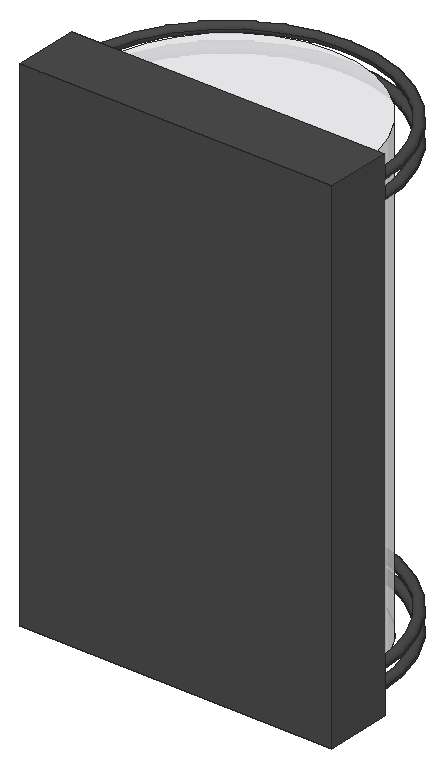
Revit family "TLI - Royal TEB - Wall", category Lighting Fixtures, host Wall, Revit 2014
Parameters (values of type "TBX 1 -  42W - 277V")
  Width = 0' - 8 1/4"
  Wet Location [instance] = yes
  Watts = 42 W
  Wattage = 21.5427 W
  built-in parameter 1150110 = 1 (stored number, unit not read)
  Voltage = 277 V
  URL = "http://teronlighting.com/"
  built-in parameter 1114217 = 0.81 (stored number, unit not read)
  Tilt Angle = 0.00°
  built-in parameter 1150109 = 1 (stored number, unit not read)
  built-in parameter 1150134 = (empty or 0)
  built-in parameter 1150113 = 1 (stored number, unit not read)
  Requires Special Disposal = no
  Remote Battery = no
  Product Page URL = "http://teronlighting.com/products/royal/"
  Product Documentation URL = "http://teronlighting.com/wp-content/uploads/Royal.pdf"
  Product = "Royal TEB"
  Point of Final Manufacture = "Fairfield, OH, USA"
  Photometric Web File = "generic.ies"
  Percentage Pre-Consumer = 0
  Percentage Post-Consumer = 0
  Number of Lamps = 1
  built-in parameter 1150142 = (empty or 0)
  Multi-Tap Ballast [instance] = no
  Mounting Type = "4\" Junction Box"
  Model = "RL - F142X-TEB"
  MasterFormat 2004 Title = "Exterior Lighting"
  MasterFormat 2004 Number = "26.56.00"
  Manufacturer Telephone = "01-513-858-6004"
  Manufacturer Email = "sales@teronlight.com"
  Manufacturer Address = "33 Donald Drive Fairfield, OH 45014"
  Manufacturer = "Teron Lighting"
  Lumens = 3200 lm
  built-in parameter 1150115 = 1 (stored number, unit not read)
  built-in parameter 1150105 = 254.65 (stored number, unit not read)
  built-in parameter 1150137 = (empty or 0)
  built-in parameter 1150139 = 0.81 (stored number, unit not read)
  Length = 1' - 1 1/2"
  built-in parameter 1150112 = 1 (stored number, unit not read)
  built-in parameter 1150114 = 1 (stored number, unit not read)
  Lamp Base = "4-Pin"
  Lamp = "1 - 42W TBX"
  Integral Battery = no
  built-in parameter 1150132 = 2
  built-in parameter 1150102 = 3600
  built-in parameter 1150138 = 4100 (stored number, unit not read)
  built-in parameter 1150107 = 4100 (stored number, unit not read)
  Industry Standards = "ETL"
  built-in parameter 1150106 = 2.5465 (stored number, unit not read)
  Fixture Material = Paint - TLI - Textured Black
  Fixture = "Steel"
  Finish = "Textured Black"
  Emergency Light Fixture [instance] = no
  Electronic Ballast [instance] = yes
  built-in parameter 1150104 = 13.8 (stored number, unit not read)
  Distributor Locations = "USA, Canada, Puerto Rico"
  Dimming Lamp Color Temperature Shift = <None>
  Dimming Ballast [instance] = no
  Diffuser Material = Acrylic - TLI - Luminous White
  Diffuser = "Luminous White Acrylic"
  Description = "Architectectural Outdoor"
  Depth = 0' - 6"
  Date Created = "11.25.2013"
  Created By = "RenderSpec  http://rederspec.com"
  Cost = 0
  Conditions of Use = "Elements are representations. Color and detail may differ from actual product. Information is for general use and should be reviewed by a Professional."
  Color Filter = 16777215
  built-in parameter 1114218 = 1 (stored number, unit not read)
  built-in parameter 1150133 = 10 (stored number, unit not read)
  Apparent Load = 42 VA
  Amps = 1
  ADA Compliant = no
Types (16): name | Watts | Wattage | Voltage | Number of Lamps | Multi-Tap Ballast | Model | Lumens | built-in parameter 1150105 | Lamp | built-in parameter 1150138 | built-in parameter 1150106 | Apparent Load
  QE 1 -  13W - 120V | 13 W | 6.05889 W | 120 V | 1 | yes | "RL - F113Q-TEB" | 900 lm | 71.62 (stored number, unit not read) | "1 - 13W QE" | 4100 (stored number, unit not read) | 0.7162 (stored number, unit not read) | 13 VA
  QE 1 -  13W - 277V | 13 W | 6.05889 W | 277 V | 1 | yes | "RL - F113Q-TEB" | 900 lm | 71.62 (stored number, unit not read) | "1 - 13W QE" | 4100 (stored number, unit not read) | 0.7162 (stored number, unit not read) | 13 VA
  QE 2 -  13W - 120V | 26 W | 1.86479 W | 120 V | 2 | yes | "RL - F213Q-TEB" | 277 lm | 22.043 (stored number, unit not read) | "2 - 18W QE" | 4100 (stored number, unit not read) | 0.22043 (stored number, unit not read) | 26 VA
  QE 2 -  13W - 277V | 26 W | 1.86479 W | 277 V | 2 | yes | "RL - F213Q-TEB" | 277 lm | 22.043 (stored number, unit not read) | "2 - 18W QE" | 4100 (stored number, unit not read) | 0.22043 (stored number, unit not read) | 26 VA
  QE 1 -  18W - 120V | 18 W | 8.41513 W | 120 V | 1 | yes | "RL - F118Q-TEB" | 1250 lm | 99.472 (stored number, unit not read) | "1 - 18W QE" | 2700 (stored number, unit not read) | 0.99472 (stored number, unit not read) | 18 VA
  QE 1 -  18W - 277V | 18 W | 84.1513 W | 277 V | 1 | yes | "RL - F118Q-TEB" | 12500 lm | 994.72 (stored number, unit not read) | "1 - 18W QE" | 2700 (stored number, unit not read) | 9.9472 (stored number, unit not read) | 18 VA
  QE 2 -  18W - 120V | 36 W | 16.8303 W | 120 V | 2 | yes | "RL - F218Q-TEB" | 2500 lm | 198.94 (stored number, unit not read) | "2 - 18W QE" | 2700 (stored number, unit not read) | 1.9894 (stored number, unit not read) | 36 VA
  QE 2 -  18W - 277V | 36 W | 16.8303 W | 277 V | 2 | yes | "RL - F218Q-TEB" | 2500 lm | 198.94 (stored number, unit not read) | "2 - 18W QE" | 2700 (stored number, unit not read) | 1.9894 (stored number, unit not read) | 36 VA
  QE 1 -  26W - 120V | 26 W | 12.1178 W | 120 V | 1 | no | "RL - F126Q -TEB" | 1800 lm | 143.24 (stored number, unit not read) | "1 - 26W QE" | 4100 (stored number, unit not read) | 1.4324 (stored number, unit not read) | 26 VA
  QE 1 -  26W - 277V | 26 W | 12.1178 W | 277 V | 1 | no | "RL - F126Q -TEB" | 1800 lm | 143.24 (stored number, unit not read) | "1 - 26W QE" | 4100 (stored number, unit not read) | 1.4324 (stored number, unit not read) | 26 VA
  QE 2 -  26W - 120V | 52 W | 24.2356 W | 120 V | 2 | no | "RL - F226Q -TEB" | 3600 lm | 286.48 (stored number, unit not read) | "2 - 26W TBX" | 4100 (stored number, unit not read) | 2.8648 (stored number, unit not read) | 52 VA
  QE 2 -  26W - 277V | 52 W | 24.2356 W | 277 V | 2 | no | "RL - F226Q-TEB" | 3600 lm | 286.48 (stored number, unit not read) | "2 - 26W TBX" | 4100 (stored number, unit not read) | 2.8648 (stored number, unit not read) | 52 VA
  TBX 1 -  32W - 120V | 32 W | 16.1571 W | 120 V | 1 | no | "RL - F132X-TEB" | 2400 lm | 190.99 (stored number, unit not read) | "1 - 32W  TBX" | 4100 (stored number, unit not read) | 1.9099 (stored number, unit not read) | 32 VA
  TBX 1 -  32W - 277V | 32 W | 16.1571 W | 277 V | 1 | no | "RL - F132X-TEB" | 2400 lm | 190.99 (stored number, unit not read) | "1 - 32W  TBX" | 4100 (stored number, unit not read) | 1.9099 (stored number, unit not read) | 32 VA
  TBX 1 -  42W - 120V | 42 W | 21.5427 W | 120 V | 1 | no | "RL - F142X-TEB" | 3200 lm | 254.65 (stored number, unit not read) | "1 - 42W TBX" | 4100 (stored number, unit not read) | 2.5465 (stored number, unit not read) | 42 VA
  TBX 1 -  42W - 277V | 42 W | 21.5427 W | 277 V | 1 | no | "RL - F142X-TEB" | 3200 lm | 254.65 (stored number, unit not read) | "1 - 42W TBX" | 4100 (stored number, unit not read) | 2.5465 (stored number, unit not read) | 42 VA
Reference planes (in)
  plane 1: y = 0
  plane 2 "Light Source Axis (L/R)": x = -1.43133
  plane 3 "Light Source Elevation": z = 59.99046
  plane 4: y = 5
Text (in)
  text "Placement Side" at (0, 40.15149, 117.0711), in view "Right"
  text "Placement Side" at (-70.3804, 28.46503, 0), in view "Ref. Level"
  text "Placement Side" at (0, 47.49176, 118.91627), in view "Left"
Dimensions and locks (in)
  host wall to plane 4 = 0' - 2"
  locked: nested 2 to plane 4 at 2
  aligned and locked: plane 2 "Light Source Axis (L/R)" to imposter light
  aligned and locked: plane 3 "Light Source Elevation" to imposter light
  aligned and locked: nested 1 to plane 2 "Light Source Axis (L/R)"
  aligned and locked: nested 1 to host wall
Nested families (in)
  nested 1: "Wall Mounted Light Fixture" at (-1.43133, 3, 0), Emergency Light Fixture <- "Emergency Light Fixture", type "Wall Mounted Light Fixture"
    with Emergency Light Fixture no
  nested 2: "Royal TEB" at (-1.43133, 3, 60.03469), type "Royal TEB"
Connectors (in)
  electrical at (-1.43133, 3, 60.03469), driven by "Apparent Load", driven by "Voltage"
    settings: on nested 2, index 1, voltage 277 V, apparent load 42 VA, apparent load phase1 0 VA, apparent load phase2 0 VA, apparent load phase3 0 VA, power factor 1, load classification "Other", number of poles 1, system type 30, power factor state 1, is connector primary yes, connector utility no, sub classification motor no, connector description ""
Definition of nested family "Royal TEB"
  Parameters (values of type "Royal TEB")
    Fixture Material = none
    Diffuser Material = none
  Reference planes (in)
    plane 1 "Center (Front/Back)": y = 0
    plane 2: z = 0
    plane 3 "Center (Left/Right)": x = 0
  Forms (in)
    Extrusion 1, solid, material <- "Fixture Material"
      sketch origin (-4.92126, -3.11303, 3.3125) x (1, 0, 0) y (0, 1, 0)
        loop
          line (0.73376, 3.11303) -> (9.10876, 3.11303) -> (9.10876, 4.86865) -> (0.73376, 4.86865) -> (0.73376, 3.11303)
      from -10.0625 to 3.4375
    Sweep 2, solid, material <- "Fixture Material"
      path origin (-4.92126, -3.19714, 6.23239) x (1, 0, 0) y (0, 1, 0)
        loop
          arc (8.92126, 4.95276) -> (4.92126, 8.95276) -> (0.92126, 4.95276) r 4
      profile origin (0, 5.75562, 6.23239) x (0, -1, 0) y (0, 0, 1)
        loop
          circle (0, -0.125) r 0.125
    Extrusion 3, solid, material <- "Diffuser Material"
      sketch origin (-4.92126, -3.19714, 3.3125) x (1, 0, 0) y (0, 1, 0)
        loop
          line (1.42126, 4.95276) -> (8.42126, 4.95276)
          arc (8.42126, 4.95276) -> (4.92126, 8.45276) -> (1.42126, 4.95276) r 3.5
      from 2.91379 to -9.55574
    Sweep 4, solid, material <- "Fixture Material"
      path origin (-4.92126, -3.19714, -5.99491) x (1, 0, 0) y (0, 1, 0)
        loop
          arc (8.92126, 4.95276) -> (4.92126, 8.95276) -> (0.92126, 4.95276) r 4
      profile origin (0, 5.75562, -5.99491) x (0, -1, 0) y (0, 0, 1)
        loop
          circle (0, -0.125) r 0.125
    Sweep 5, solid, material <- "Fixture Material"
      path origin (-4.92126, -3.19714, 5.73652) x (1, 0, 0) y (0, 1, 0)
        loop
          arc (8.92126, 4.95276) -> (4.92126, 8.95276) -> (0.92126, 4.95276) r 4
      profile origin (0, 5.75562, 5.73652) x (0, -1, 0) y (0, 0, 1)
        loop
          circle (0, -0.125) r 0.125
    Sweep 6, solid, material <- "Fixture Material"
      path origin (-4.92126, -3.19714, -5.49923) x (1, 0, 0) y (0, 1, 0)
        loop
          arc (8.92126, 4.95276) -> (4.92126, 8.95276) -> (0.92126, 4.95276) r 4
      profile origin (0, 5.75562, -5.49923) x (0, -1, 0) y (0, 0, 1)
        loop
          circle (0, -0.125) r 0.125
  Dimensions and locks (in)
    aligned and locked: plane 2 to level
Definition of nested family "Wall Mounted Light Fixture"
  Parameters (values of type "Wall Mounted Light Fixture")
    Emergency Light Fixture [instance] = no
  Reference planes (in)
    plane 1: y = 0
    plane 2: x = 0
  Lines and regions (in)
    detail lines, built-in parameter 1006310 <- "Emergency Light Fixture"
      curve 1: circle (0, 0.125, 0) r 0.0625 normal (0, 0, 1)
    detail lines
      curve 2: line (-0.0625, 0, 0) -> (0.0625, 0, 0)
      curve 3: line (0, 0, 0) -> (0, 0.0625, 0)
